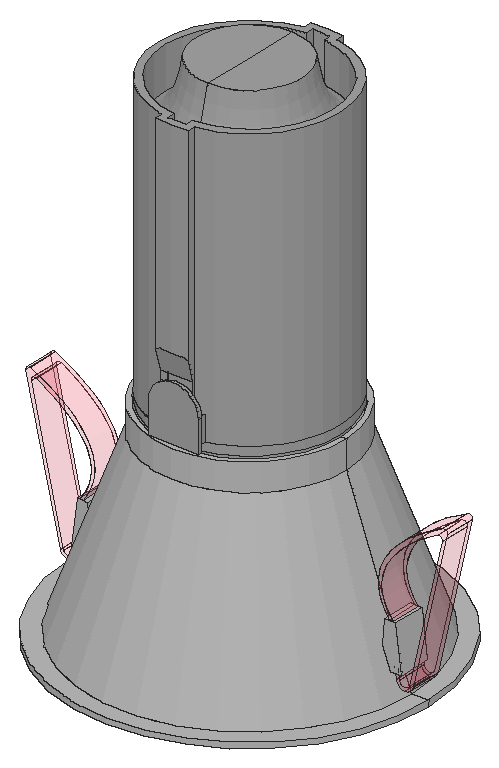
Revit family "LAMP_MOODY G2 1700 + ROUND FIXED REFLECTOR", category Luminarias, Revit 2015
Parameters (values of type "2700K FLOOD")
  Ángulo de inclinación = 90.00°
  White reflector model = White reflector code  # "MORFRD100FXW"
  White reflector finish = "Matt white"
  White reflector description = "MOODY REF RD FX Ø99 WH."
  White reflector datasheet = "http://www.lamp.es/product-files/TECH/MORFRD100FXW-EN.pdf"
  White reflector [instance] = no
  Wattage = 14 W
  UGR = "23"
  Type = "COB PHILIPS"
  White reflector code = "MORFRD100FXW"
  Total weight = 0.352 kg
  Total height = 115 mm
  Silver reflector model = Silver reflector code  # "MORFRD100FXM"
  Silver reflector finish = "Metalized matt silver"
  Silver reflector description = "MOODY REF RD FX Ø99 MET."
  Silver reflector datasheet = "http://www.lamp.es/product-files/TECH/MORFRD100FXM-EN.pdf"
  Silver reflector code = "MORFRD100FXM"
  Silver reflector [instance] = no
  Reflector diameter = 100 mm
  Reflector [instance] = and(not(White reflector), not(Copper reflector), not(Black reflector), not(Silver reflector))  # no
  Recessed diameter = 95 mm
  built-in parameter 1150110 = 1 (stored number, unit not read)
  Protection rating = "IP20"
  Product URL = "https://www.lamp.es/en/family/moody_33323"
  Power Supply = "220-240V 50/60Hz"
  Power = 12 W
  Plum = 14 W
  Model explanation = "Availability of switching reflector colour when placed in a project."
  Material Reflector Plata = LAMP_PC Reflector Moody GR
  Material Reflector Negro = LAMP_PC Reflector Moody NG
  Material Reflector Cobre = LAMP_PC Reflector Moody CO
  Material Muelle Emp. = LAMP_Acero genérico
  Material Reflector Blanco = LAMP_PC Reflector Moody BL
  Manufacturer name = "LAMP"
  Manufacturer country = "Spain"
  Manufacturer URL = "http://www.lamp.es/en"
  MacAdam = "3"
  Lámpara = "COB LED"
  Luminaire type = "Indoor - Recessed Downlight"
  Last update = "28/08/2019"
  LED Lifetime = "50.000 L70 B10"
  Insulation class = "II"
  Installation instructions = "https://www.lamp.es/product-files/INS/1004620-A-INSTR.%20MOODY%20G2.pdf"
  IEE = "A++"
  Gear = "Electronic"
  built-in parameter 1114217 = 1 (stored number, unit not read)
  built-in parameter 1150109 = 1 (stored number, unit not read)
  Fabricante = Manufacturer name  # "LAMP"
  Efficacy = 66.2 lm/W
  Descripción = "MOODY G2 1700 VWW FL TRIAC BK."
  Core product code = "MO215FL927TB"
  Core diameter = 50 mm
  Core datasheet = "http://www.lamp.es/product-files/TECH/MO215FL927TB-EN.pdf"
  Core model = Core product code  # "MO215FL927TB"
  Copper reflector model = Copper reflector code  # "MORFRD100FXC"
  Copper reflector finish = "Metalized matt copper"
  Copper reflector description = "MOODY REF RD FX Ø99 CO."
  Copper reflector datasheet = "http://www.lamp.es/product-files/TECH/MORFRD100FXW-EN.pdf"
  Copper reflector code = "MORFRD100FXC"
  Copper reflector [instance] = yes
  Comentarios de tipo = Model explanation  # "Availability of switching reflector colour when placed in a project."
  built-in parameter 1150134 = (empty or 0)
  built-in parameter 1150113 = 1 (stored number, unit not read)
  Lumens = 926.8 lm
  built-in parameter 1150115 = 1 (stored number, unit not read)
  built-in parameter 1150105 = 73.752 (stored number, unit not read)
  built-in parameter 1150137 = (empty or 0)
  built-in parameter 1150139 = (empty or 0)
  built-in parameter 1150112 = 1 (stored number, unit not read)
  built-in parameter 1150114 = 1 (stored number, unit not read)
  built-in parameter 1150132 = 2
  built-in parameter 1150102 = (empty or 0)
  built-in parameter 1150138 = (empty or 0)
  built-in parameter 1150107 = 2700 (stored number, unit not read)
  built-in parameter 1150106 = 0.73752 (stored number, unit not read)
  built-in parameter 1150104 = 6.1502 (stored number, unit not read)
  Dimming Lamp Color Temperature Shift = (empty or 0)
  Color Filter = 16777215
  built-in parameter 1114218 = 1 (stored number, unit not read)
  CRI = "90"
  Core description = "MOODY CORE 1200 VWW MFL"
  Black reflector model = Black reflector code  # "MORFRD100FXB"
  Black reflector finish = "Matt black"
  Black reflector description = "MOODY REF RD FX Ø99 BK."
  Black reflector datasheet = "http://www.lamp.es/product-files/TECH/MORFRD100FXB-EN.pdf"
  Black reflector code = "MORFRD100FXB"
  Black reflector [instance] = no
  Archivo de red fotométrica = "MO215FL927TB+MORFRD100FXM.IES"
  Altura reflector = 56.5 mm
  built-in parameter 1150133 = 10 (stored number, unit not read)
Types (9, lengths in mm): name | UGR | Efficacy | Descripción | Core product code | Core datasheet | Core model | Lumens | built-in parameter 1150105 | built-in parameter 1150107 | built-in parameter 1150106 | built-in parameter 1150104 | CRI | Archivo de red fotométrica
  2700K FLOOD | "23" | 66.2 lm/W | "MOODY G2 1700 VWW FL TRIAC BK." | "MO215FL927TB" | "http://www.lamp.es/product-files/TECH/MO215FL927TB-EN.pdf" | "MO215FL927TB" | 926.8 lm | 73.752 (stored number, unit not read) | 2700 (stored number, unit not read) | 0.73752 (stored number, unit not read) | 6.1502 (stored number, unit not read) | "90" | "MO215FL927TB+MORFRD100FXM.IES"
  2700K SPOT | "23" | 66.2 lm/W | "MOODY G2 1700 VWW SP TRIAC BK." | "MO215SP927TB" | "http://www.lamp.es/product-files/TECH/MO215SP927TB-EN.pdf" | "MO215SP927TB" | 926.8 lm | 73.752 (stored number, unit not read) | 2700 (stored number, unit not read) | 0.73752 (stored number, unit not read) | 6.1502 (stored number, unit not read) | "90" | "MO215SP927TB+MORFRD100FXM.IES"
  2700K WIDE FLOOD | "23" | 66.2 lm/W | "MOODY G2 1700 VWW WFL TRIAC BK." | "MO215WF927TB" | "http://www.lamp.es/product-files/TECH/MO215WF927TB-EN.pdf" | "MO215WF927TB" | 926.8 lm | 73.752 (stored number, unit not read) | 2700 (stored number, unit not read) | 0.73752 (stored number, unit not read) | 6.1502 (stored number, unit not read) | "90" | "MO215WF927TB+MORFRD100FXM.IES"
  3000K FLOOD | "23" | 81.2 lm/W | "MOODY G2 1700 WW FL TRIAC BK." | "MO215FL830TB" | "http://www.lamp.es/product-files/TECH/MO215FL830TB-EN.pdf" | "MO215FL830TB" | 1136.8 lm | 90.464 (stored number, unit not read) | 3000 (stored number, unit not read) | 0.90464 (stored number, unit not read) | 7.5437 (stored number, unit not read) | "80" | "MO215FL830TB+MORFRD100FXM.IES"
  3000K SPOT | "23" | 81.2 lm/W | "MOODY G2 1700 WW SP TRIAC BK." | "MO215SP830TB" | "http://www.lamp.es/product-files/TECH/MO215SP830TB-EN.pdf" | "MO215SP830TB" | 1136.8 lm | 90.464 (stored number, unit not read) | 3000 (stored number, unit not read) | 0.90464 (stored number, unit not read) | 7.5437 (stored number, unit not read) | "80" | "MO215SP830TB+MORFRD100FXM.IES"
  3000K WIDE FLOOD | "23" | 81.2 lm/W | "MOODY G2 1700 WW WFL TRIAC BK." | "MO215WF830TB" | "http://www.lamp.es/product-files/TECH/MO215WF830TB-EN.pdf" | "MO215WF830TB" | 1136.8 lm | 90.464 (stored number, unit not read) | 3000 (stored number, unit not read) | 0.90464 (stored number, unit not read) | 7.5437 (stored number, unit not read) | "80" | "MO215WF830TB+MORFRD100FXM.IES"
  4000K FLOOD | "24" | 86 lm/W | "MOODY G2 1700 NW FL TRIAC BK." | "MO215FL840TB" | "http://www.lamp.es/product-files/TECH/MO215FL840TB-EN.pdf" | "MO215FL840TB" | 1204 lm | 95.811 (stored number, unit not read) | 4000 (stored number, unit not read) | 0.95811 (stored number, unit not read) | 7.9897 (stored number, unit not read) | "80" | "MO215FL840TB+MORFRD100FXM.IES"
  4000K SPOT | "24" | 86 lm/W | "MOODY G2 1700 NW SP TRIAC BK." | "MO215SP840TB" | "http://www.lamp.es/product-files/TECH/MO215SP840TB-EN.pdf" | "MO215SP840TB" | 1204 lm | 95.811 (stored number, unit not read) | 4000 (stored number, unit not read) | 0.95811 (stored number, unit not read) | 7.9897 (stored number, unit not read) | "80" | "MO215SP840TB+MORFRD100FXM.IES"
  4000K WIDE FLOOD | "24" | 86 lm/W | "MOODY G2 1700 NW WFL TRIAC BK." | "MO215WF840TB" | "http://www.lamp.es/product-files/TECH/MO215WF840TB-EN.pdf" | "MO215WF840TB" | 1204 lm | 95.811 (stored number, unit not read) | 4000 (stored number, unit not read) | 0.95811 (stored number, unit not read) | 7.9897 (stored number, unit not read) | "80" | "MO215WF840TB+MORFRD100FXM.IES"
Reference planes
  plane 1 "Eje de origen de luz (F/P)": y = 0
  plane 2: z = 0
  plane 3 "Eje de origen de luz (I/D)": x = 0
  plane 4 "Techo": z = 3738.5
  plane 5 "Elevación de origen de luz": z = 3738.5
Forms (mm)
  Revolve 1, solid, material "LAMP_PC Reflector Moody CO" <- "Material Reflector Cobre", visible <- "Copper reflector"
    sketch origin (0, 0, 0) x (1, 0, 0) y (0, 0, 1)
      loop
        line (-49.5, 3737) -> (-43.7, 3737) -> (-25.4, 3786.715) -> (-20.4, 3786.715) -> (-20.4, 3789.672) -> (-25.4, 3789.672) -> (-25.4, 3795) -> (-26.8, 3795) -> (-26.8, 3787.4) -> (-44.8, 3738.5) -> (-49.5, 3738.5) -> (-49.5, 3737)
      axis (0, 3737) -> (0, 3795)
    angle from 0 to 360
  Extrusion 2, solid, material "LAMP_PC Reflector Moody CO" <- "Material Reflector Cobre", visible <- "Copper reflector"
    sketch origin (0, 0, 0) x (1, 0, 0) y (0, 0, 1)
      loop
        line (-42.407, 3745) -> (-40.284, 3750.769) -> (-40.873, 3757.5) -> (-43.873, 3757.5) -> (-45.407, 3745) -> (-42.407, 3745)
    from 4.4 to -4.4
  Extrusion 3, solid, material "LAMP_PC Reflector Moody CO" <- "Material Reflector Cobre", visible <- "Copper reflector"
    sketch origin (0, 0, 0) x (-1, 0, 0) y (0, 0, -1)
      loop
        line (-42.407, -3745) -> (-45.407, -3745) -> (-43.873, -3757.5) -> (-40.873, -3757.5) -> (-40.284, -3750.769) -> (-42.407, -3745)
    from 4.4 to -4.4
  Extrusion 4, solid, material "LAMP_Acero genérico" <- "Material Muelle Emp."
    sketch origin (0, 0, 0) x (1, 0, 0) y (0, 0, 1)
      loop
        line (-43.449, 3746.955) -> (-44.442, 3747.077) -> (-44.86, 3743.673)
        arc (-44.86, 3743.673) -> (-46.011, 3742.395) -> (-47.607, 3743.039) r 1.5
        line (-47.607, 3743.039) -> (-56.587, 3781.935)
        arc (-56.587, 3781.935) -> (-56.25, 3782.912) -> (-55.225, 3783.038) r 0.975
        spline (-55.225, 3783.038) -> (-51.331, 3780.738) -> (-48.069, 3778.431) -> (-45.409, 3776.129) -> (-43.316, 3773.842) -> (-41.759, 3771.583) -> (-40.706, 3769.362) -> (-40.125, 3767.192) -> (-39.983, 3765.084) -> (-40.248, 3763.049) -> (-40.888, 3761.099) -> (-41.87, 3759.246) -> (-43.162, 3757.5)
        line (-43.162, 3757.5) -> (-42.155, 3757.5)
        spline (-42.155, 3757.5) -> (-40.805, 3759.492) -> (-39.803, 3761.59) -> (-39.185, 3763.778) -> (-38.986, 3766.043) -> (-39.241, 3768.371) -> (-39.985, 3770.746) -> (-41.254, 3773.156) -> (-43.082, 3775.585) -> (-45.504, 3778.019) -> (-48.557, 3780.445) -> (-52.274, 3782.848) -> (-56.692, 3785.214)
        arc (-56.692, 3785.214) -> (-57.717, 3785.088) -> (-58.053, 3784.112) r 0.975
        line (-58.053, 3784.112) -> (-48.597, 3743.153)
        arc (-48.597, 3743.153) -> (-47.735, 3741.824) -> (-46.22, 3741.36) r 2.317
        arc (-46.22, 3741.36) -> (-44.644, 3742.027) -> (-43.867, 3743.552) r 2.5
        line (-43.867, 3743.552) -> (-43.449, 3746.955)
    from 4.3 to -4.3
  Extrusion 5, solid, material "LAMP_Acero genérico" <- "Material Muelle Emp."
    sketch origin (0, 0, 0) x (-1, 0, 0) y (0, 0, -1)
      loop
        line (-43.449, -3746.955) -> (-43.867, -3743.552)
        arc (-43.867, -3743.552) -> (-44.644, -3742.027) -> (-46.22, -3741.36) r 2.5
        arc (-46.22, -3741.36) -> (-47.735, -3741.824) -> (-48.597, -3743.153) r 2.317
        line (-48.597, -3743.153) -> (-58.053, -3784.112)
        arc (-58.053, -3784.112) -> (-57.717, -3785.088) -> (-56.692, -3785.214) r 0.975
        spline (-56.692, -3785.214) -> (-52.274, -3782.848) -> (-48.557, -3780.445) -> (-45.504, -3778.019) -> (-43.082, -3775.585) -> (-41.254, -3773.156) -> (-39.985, -3770.746) -> (-39.241, -3768.371) -> (-38.986, -3766.043) -> (-39.185, -3763.778) -> (-39.803, -3761.59) -> (-40.805, -3759.492) -> (-42.155, -3757.5)
        line (-42.155, -3757.5) -> (-43.162, -3757.5)
        spline (-43.162, -3757.5) -> (-41.87, -3759.246) -> (-40.888, -3761.099) -> (-40.248, -3763.049) -> (-39.983, -3765.084) -> (-40.125, -3767.192) -> (-40.706, -3769.362) -> (-41.759, -3771.583) -> (-43.316, -3773.842) -> (-45.409, -3776.129) -> (-48.069, -3778.431) -> (-51.331, -3780.738) -> (-55.225, -3783.038)
        arc (-55.225, -3783.038) -> (-56.25, -3782.912) -> (-56.587, -3781.935) r 0.975
        line (-56.587, -3781.935) -> (-47.607, -3743.039)
        arc (-47.607, -3743.039) -> (-46.011, -3742.395) -> (-44.86, -3743.673) r 1.5
        line (-44.86, -3743.673) -> (-44.442, -3747.077) -> (-43.449, -3746.955)
    from 4.3 to -4.3
  Revolve 6, solid, material "LAMP_PC Reflector Moody BL" <- "Material Reflector Blanco", visible <- "White reflector"
    sketch origin (0, 0, 0) x (1, 0, 0) y (0, 0, 1)
      loop
        line (-49.5, 3737) -> (-43.7, 3737) -> (-25.4, 3786.715) -> (-20.4, 3786.715) -> (-20.4, 3789.672) -> (-25.4, 3789.672) -> (-25.4, 3795) -> (-26.8, 3795) -> (-26.8, 3787.4) -> (-44.8, 3738.5) -> (-49.5, 3738.5) -> (-49.5, 3737)
      axis (0, 3737) -> (0, 3795)
    angle from 0 to 360
  Extrusion 7, solid, material "LAMP_PC Reflector Moody BL" <- "Material Reflector Blanco", visible <- "White reflector"
    sketch origin (0, 0, 0) x (1, 0, 0) y (0, 0, 1)
      loop
        line (-42.407, 3745) -> (-40.284, 3750.769) -> (-40.873, 3757.5) -> (-43.873, 3757.5) -> (-45.407, 3745) -> (-42.407, 3745)
    from 4.4 to -4.4
  Extrusion 8, solid, material "LAMP_PC Reflector Moody BL" <- "Material Reflector Blanco", visible <- "White reflector"
    sketch origin (0, 0, 0) x (-1, 0, 0) y (0, 0, -1)
      loop
        line (-42.407, -3745) -> (-45.407, -3745) -> (-43.873, -3757.5) -> (-40.873, -3757.5) -> (-40.284, -3750.769) -> (-42.407, -3745)
    from 4.4 to -4.4
  Revolve 9, solid, material "LAMP_PC Reflector Moody NG" <- "Material Reflector Negro", visible <- "Black reflector"
    sketch origin (0, 0, 0) x (1, 0, 0) y (0, 0, 1)
      loop
        line (-49.5, 3737) -> (-43.7, 3737) -> (-25.4, 3786.715) -> (-20.4, 3786.715) -> (-20.4, 3789.672) -> (-25.4, 3789.672) -> (-25.4, 3795) -> (-26.8, 3795) -> (-26.8, 3787.4) -> (-44.8, 3738.5) -> (-49.5, 3738.5) -> (-49.5, 3737)
      axis (0, 3737) -> (0, 3795)
    angle from 0 to 360
  Extrusion 10, solid, material "LAMP_PC Reflector Moody NG" <- "Material Reflector Negro", visible <- "Black reflector"
    sketch origin (0, 0, 0) x (1, 0, 0) y (0, 0, 1)
      loop
        line (-42.407, 3745) -> (-40.284, 3750.769) -> (-40.873, 3757.5) -> (-43.873, 3757.5) -> (-45.407, 3745) -> (-42.407, 3745)
    from 4.4 to -4.4
  Extrusion 11, solid, material "LAMP_PC Reflector Moody NG" <- "Material Reflector Negro", visible <- "Black reflector"
    sketch origin (0, 0, 0) x (-1, 0, 0) y (0, 0, -1)
      loop
        line (-42.407, -3745) -> (-45.407, -3745) -> (-43.873, -3757.5) -> (-40.873, -3757.5) -> (-40.284, -3750.769) -> (-42.407, -3745)
    from 4.4 to -4.4
  Revolve 12, solid, material "LAMP_PC Reflector Moody GR" <- "Material Reflector Plata", visible <- "Silver reflector"
    sketch origin (0, 0, 0) x (1, 0, 0) y (0, 0, 1)
      loop
        line (-49.5, 3737) -> (-43.7, 3737) -> (-25.4, 3786.715) -> (-20.4, 3786.715) -> (-20.4, 3789.672) -> (-25.4, 3789.672) -> (-25.4, 3795) -> (-26.8, 3795) -> (-26.8, 3787.4) -> (-44.8, 3738.5) -> (-49.5, 3738.5) -> (-49.5, 3737)
      axis (0, 3737) -> (0, 3795)
    angle from 0 to 360
  Extrusion 13, solid, material "LAMP_PC Reflector Moody GR" <- "Material Reflector Plata", visible <- "Silver reflector"
    sketch origin (0, 0, 0) x (1, 0, 0) y (0, 0, 1)
      loop
        line (-42.407, 3745) -> (-40.284, 3750.769) -> (-40.873, 3757.5) -> (-43.873, 3757.5) -> (-45.407, 3745) -> (-42.407, 3745)
    from 4.4 to -4.4
  Extrusion 14, solid, material "LAMP_PC Reflector Moody GR" <- "Material Reflector Plata", visible <- "Silver reflector"
    sketch origin (0, 0, 0) x (-1, 0, 0) y (0, 0, -1)
      loop
        line (-42.407, -3745) -> (-45.407, -3745) -> (-43.873, -3757.5) -> (-40.873, -3757.5) -> (-40.284, -3750.769) -> (-42.407, -3745)
    from 4.4 to -4.4
  Revolve 15, solid, material "LAMP_PC Reflector Moody CO" <- "Material Reflector Cobre", visible <- "Reflector"
    sketch origin (0, 0, 0) x (1, 0, 0) y (0, 0, 1)
      loop
        line (-49.5, 3737) -> (-43.7, 3737) -> (-25.4, 3786.715) -> (-20.4, 3786.715) -> (-20.4, 3789.672) -> (-25.4, 3789.672) -> (-25.4, 3795) -> (-26.8, 3795) -> (-26.8, 3787.4) -> (-44.8, 3738.5) -> (-49.5, 3738.5) -> (-49.5, 3737)
      axis (0, 3737) -> (0, 3795)
    angle from 0 to 360
  Extrusion 16, solid, material "LAMP_PC Reflector Moody CO" <- "Material Reflector Cobre", visible <- "Reflector"
    sketch origin (0, 0, 0) x (1, 0, 0) y (0, 0, 1)
      loop
        line (-42.407, 3745) -> (-40.284, 3750.769) -> (-40.873, 3757.5) -> (-43.873, 3757.5) -> (-45.407, 3745) -> (-42.407, 3745)
    from 4.4 to -4.4
  Extrusion 17, solid, material "LAMP_PC Reflector Moody CO" <- "Material Reflector Cobre", visible <- "Reflector"
    sketch origin (0, 0, 0) x (-1, 0, 0) y (0, 0, -1)
      loop
        line (-42.407, -3745) -> (-45.407, -3745) -> (-43.873, -3757.5) -> (-40.873, -3757.5) -> (-40.284, -3750.769) -> (-42.407, -3745)
    from 4.4 to -4.4
Text (mm)
  text "Any modification of the parameters and properties of the LAMP BIM models must be executed and validated by the LAMP technical department.\n\nPhone: +34 93 736 68 00\n\nE-mail: lamp@lamp.es\n\n\n\nLAMP reserves the right to modify the technical specifications of its products." at (-1347.375, 1637.246, 3520.791), in view "Preview"
Dimensions and locks
  equal spacing: host sketch curve, plane 3 "Eje de origen de luz (I/D)", host sketch curve
  equal spacing: host sketch curve, plane 1 "Eje de origen de luz (F/P)", host sketch curve
  host sketch curve to host sketch curve = 4000 mm  (x2)
  locked: plane 4 "Techo" to host ceiling at 0
  "Altura reflector": plane 4 "Techo" to Revolve 1
  aligned and locked: plane 3 "Eje de origen de luz (I/D)" to imposter light
  aligned and locked: plane 1 "Eje de origen de luz (F/P)" to imposter light
  aligned and locked: plane 5 "Elevación de origen de luz" to imposter light
  aligned and locked: plane 4 "Techo" to plane 5 "Elevación de origen de luz"
Automatic sketch dimensions
  Revolve 1 sketch curve to plane 4 "Techo" = 0 mm
  Revolve 1 sketch curve to plane 3 "Eje de origen de luz (I/D)" = 0 mm
  Revolve 1 sketch curve to plane 3 "Eje de origen de luz (I/D)" = 20.4 mm
  Revolve 1 sketch curve to Revolve 1 sketch curve = 5 mm
  Revolve 1 sketch curve to Revolve 1 sketch curve = 0 mm
  Revolve 1 sketch curve to Revolve 1 sketch curve = 1.4 mm
  plane 4 "Techo" to Revolve 1 sketch curve = 1.5 mm
  Revolve 1 sketch curve to plane 3 "Eje de origen de luz (I/D)" = 43.7 mm
  Revolve 1 sketch curve to Revolve 1 sketch curve = 1.1 mm
  Revolve 1 sketch curve to Revolve 1 sketch curve = 4.7 mm
  Revolve 1 sketch curve to plane 4 "Techo" = 48.215 mm
  Revolve 1 sketch curve to Revolve 1 sketch curve = 0.685 mm
  Revolve 1 sketch curve to Revolve 1 sketch curve = 2.957 mm
  Revolve 1 sketch curve to Revolve 1 sketch curve = 5.328 mm
  Revolve 1 sketch curve to level = 358.228 mm
  Revolve 1 sketch curve to Revolve 1 sketch curve = 305.685 mm
  Extrusion 2 sketch curve to plane 4 "Techo" = 6.5 mm
  Extrusion 2 sketch curve to plane 3 "Eje de origen de luz (I/D)" = 45.407 mm
  Extrusion 2 sketch curve to Extrusion 2 sketch curve = 1.535 mm
  Extrusion 2 sketch curve to Extrusion 2 sketch curve = 3 mm  (x2)
  Extrusion 2 sketch curve to plane 4 "Techo" = 19 mm
  Extrusion 2 sketch curve to plane 4 "Techo" = 12.269 mm
  Extrusion 2 sketch curve to Extrusion 2 sketch curve = 2.124 mm
  plane 4 "Techo" to Extrusion 3 sketch curve = 6.5 mm
  Extrusion 3 sketch curve to plane 3 "Eje de origen de luz (I/D)" = 45.407 mm
  Extrusion 3 sketch curve to Extrusion 3 sketch curve = 1.535 mm
  Extrusion 3 sketch curve to Extrusion 3 sketch curve = 3 mm  (x2)
  plane 4 "Techo" to Extrusion 3 sketch curve = 19 mm
  plane 4 "Techo" to Extrusion 3 sketch curve = 12.269 mm
  Extrusion 3 sketch curve to Extrusion 3 sketch curve = 2.124 mm
  Extrusion 4 sketch curve to Extrusion 4 sketch curve = 0 mm  (x2)
  Extrusion 4 sketch curve to plane 3 "Eje de origen de luz (I/D)" = 58.053 mm
  Extrusion 4 sketch curve to Extrusion 4 sketch curve = 0.95 mm  (x2)
  Extrusion 4 sketch curve to Extrusion 4 sketch curve = 0.412 mm  (x2)
  Extrusion 4 sketch curve to Extrusion 4 sketch curve = 0.517 mm
  Extrusion 4 sketch curve to plane 4 "Techo" = 4.653 mm
  Extrusion 4 sketch curve to Extrusion 4 sketch curve = 7.989 mm
  Extrusion 4 sketch curve to plane 4 "Techo" = 4.539 mm
  Extrusion 4 sketch curve to Extrusion 4 sketch curve = 0.991 mm
  Extrusion 4 sketch curve to Extrusion 4 sketch curve = 1.258 mm
  Extrusion 4 sketch curve to Extrusion 4 sketch curve = 0.009 mm
  Extrusion 4 sketch curve to plane 4 "Techo" = 5.173 mm
  Extrusion 4 sketch curve to Extrusion 4 sketch curve = 1.479 mm
  Extrusion 4 sketch curve to plane 4 "Techo" = 8.577 mm
  Extrusion 4 sketch curve to Extrusion 4 sketch curve = 0.418 mm
  Extrusion 4 sketch curve to plane 4 "Techo" = 5.052 mm
  Extrusion 4 sketch curve to Extrusion 4 sketch curve = 0.993 mm
  Extrusion 4 sketch curve to Extrusion 4 sketch curve = 1.28 mm
  Extrusion 4 sketch curve to Extrusion 4 sketch curve = 1.008 mm
  Extrusion 4 sketch curve to Extrusion 4 sketch curve = 0.182 mm
  Extrusion 4 sketch curve to Extrusion 4 sketch curve = 10.423 mm
  Extrusion 4 sketch curve to Extrusion 4 sketch curve = 24.435 mm
  Extrusion 4 sketch curve to Extrusion 4 sketch curve = 0.219 mm  (x2)
  Extrusion 4 sketch curve to Extrusion 4 sketch curve = 2.176 mm
  Extrusion 5 sketch curve to Extrusion 5 sketch curve = 0 mm  (x2)
  Extrusion 5 sketch curve to plane 3 "Eje de origen de luz (I/D)" = 58.053 mm
  Extrusion 5 sketch curve to Extrusion 5 sketch curve = 0.95 mm  (x2)
  Extrusion 5 sketch curve to Extrusion 5 sketch curve = 0.412 mm  (x2)
  Extrusion 5 sketch curve to Extrusion 5 sketch curve = 0.517 mm
  plane 4 "Techo" to Extrusion 5 sketch curve = 4.653 mm
  Extrusion 5 sketch curve to Extrusion 5 sketch curve = 7.989 mm
  plane 4 "Techo" to Extrusion 5 sketch curve = 4.539 mm
  Extrusion 5 sketch curve to Extrusion 5 sketch curve = 0.991 mm
  Extrusion 5 sketch curve to Extrusion 5 sketch curve = 1.258 mm
  Extrusion 5 sketch curve to Extrusion 5 sketch curve = 0.009 mm
  plane 4 "Techo" to Extrusion 5 sketch curve = 5.173 mm
  Extrusion 5 sketch curve to Extrusion 5 sketch curve = 1.479 mm
  plane 4 "Techo" to Extrusion 5 sketch curve = 8.577 mm
  Extrusion 5 sketch curve to Extrusion 5 sketch curve = 0.418 mm
  plane 4 "Techo" to Extrusion 5 sketch curve = 5.052 mm
  Extrusion 5 sketch curve to Extrusion 5 sketch curve = 0.993 mm
  Extrusion 5 sketch curve to Extrusion 5 sketch curve = 1.28 mm
  Extrusion 5 sketch curve to Extrusion 5 sketch curve = 1.008 mm
  Extrusion 5 sketch curve to Extrusion 5 sketch curve = 0.182 mm
  Extrusion 5 sketch curve to Extrusion 5 sketch curve = 10.423 mm
  Extrusion 5 sketch curve to Extrusion 5 sketch curve = 24.435 mm
  Extrusion 5 sketch curve to Extrusion 5 sketch curve = 0.219 mm  (x2)
  Extrusion 5 sketch curve to Extrusion 5 sketch curve = 2.176 mm
  Revolve 6 sketch curve to plane 4 "Techo" = 0 mm
  Revolve 6 sketch curve to plane 3 "Eje de origen de luz (I/D)" = 49.5 mm
  Revolve 6 sketch curve to Revolve 6 sketch curve = 4.7 mm
  Revolve 6 sketch curve to Revolve 6 sketch curve = 1.1 mm
  Revolve 6 sketch curve to Revolve 6 sketch curve = 18 mm
  Revolve 6 sketch curve to Revolve 6 sketch curve = 1.4 mm  (x2)
  Revolve 6 sketch curve to plane 4 "Techo" = 48.215 mm
  Revolve 6 sketch curve to Revolve 6 sketch curve = 5 mm
  plane 4 "Techo" to Revolve 6 sketch curve = 1.5 mm
  Revolve 6 sketch curve to Revolve 6 sketch curve = 0.685 mm
  Revolve 6 sketch curve to Revolve 6 sketch curve = 2.957 mm
  Revolve 6 sketch curve to Revolve 6 sketch curve = 5.328 mm
  plane 3 "Eje de origen de luz (I/D)" to Revolve 6 sketch curve = 0 mm
  Revolve 6 sketch curve to level = 358.228 mm
  Revolve 6 sketch curve to Revolve 6 sketch curve = 305.685 mm
  Extrusion 7 sketch curve to plane 4 "Techo" = 6.5 mm
  Extrusion 7 sketch curve to plane 3 "Eje de origen de luz (I/D)" = 45.407 mm
  Extrusion 7 sketch curve to Extrusion 7 sketch curve = 1.535 mm
  Extrusion 7 sketch curve to Extrusion 7 sketch curve = 3 mm  (x2)
  Extrusion 7 sketch curve to plane 4 "Techo" = 19 mm
  Extrusion 7 sketch curve to plane 4 "Techo" = 12.269 mm
  Extrusion 7 sketch curve to Extrusion 7 sketch curve = 2.124 mm
  plane 4 "Techo" to Extrusion 8 sketch curve = 6.5 mm
  Extrusion 8 sketch curve to plane 3 "Eje de origen de luz (I/D)" = 45.407 mm
  Extrusion 8 sketch curve to Extrusion 8 sketch curve = 1.535 mm
  Extrusion 8 sketch curve to Extrusion 8 sketch curve = 3 mm  (x2)
  plane 4 "Techo" to Extrusion 8 sketch curve = 19 mm
  plane 4 "Techo" to Extrusion 8 sketch curve = 12.269 mm
  Extrusion 8 sketch curve to Extrusion 8 sketch curve = 2.124 mm
  Revolve 9 sketch curve to plane 4 "Techo" = 0 mm
  Revolve 9 sketch curve to plane 3 "Eje de origen de luz (I/D)" = 49.5 mm
  Revolve 9 sketch curve to Revolve 9 sketch curve = 4.7 mm
  Revolve 9 sketch curve to Revolve 9 sketch curve = 1.1 mm
  Revolve 9 sketch curve to Revolve 9 sketch curve = 18 mm
  Revolve 9 sketch curve to Revolve 9 sketch curve = 1.4 mm  (x2)
  Revolve 9 sketch curve to plane 4 "Techo" = 48.215 mm
  Revolve 9 sketch curve to Revolve 9 sketch curve = 5 mm
  plane 4 "Techo" to Revolve 9 sketch curve = 1.5 mm
  Revolve 9 sketch curve to Revolve 9 sketch curve = 0.685 mm
  Revolve 9 sketch curve to Revolve 9 sketch curve = 2.957 mm
  Revolve 9 sketch curve to Revolve 9 sketch curve = 5.328 mm
  plane 3 "Eje de origen de luz (I/D)" to Revolve 9 sketch curve = 0 mm
  Revolve 9 sketch curve to level = 358.228 mm
  Revolve 9 sketch curve to Revolve 9 sketch curve = 305.685 mm
  Extrusion 10 sketch curve to plane 4 "Techo" = 6.5 mm
  Extrusion 10 sketch curve to plane 3 "Eje de origen de luz (I/D)" = 45.407 mm
  Extrusion 10 sketch curve to Extrusion 10 sketch curve = 1.535 mm
  Extrusion 10 sketch curve to Extrusion 10 sketch curve = 3 mm  (x2)
  Extrusion 10 sketch curve to plane 4 "Techo" = 19 mm
  Extrusion 10 sketch curve to plane 4 "Techo" = 12.269 mm
  Extrusion 10 sketch curve to Extrusion 10 sketch curve = 2.124 mm
  plane 4 "Techo" to Extrusion 11 sketch curve = 6.5 mm
  Extrusion 11 sketch curve to plane 3 "Eje de origen de luz (I/D)" = 45.407 mm
  Extrusion 11 sketch curve to Extrusion 11 sketch curve = 1.535 mm
  Extrusion 11 sketch curve to Extrusion 11 sketch curve = 3 mm  (x2)
  plane 4 "Techo" to Extrusion 11 sketch curve = 19 mm
  plane 4 "Techo" to Extrusion 11 sketch curve = 12.269 mm
  Extrusion 11 sketch curve to Extrusion 11 sketch curve = 2.124 mm
  Revolve 12 sketch curve to plane 4 "Techo" = 0 mm
  Revolve 12 sketch curve to plane 3 "Eje de origen de luz (I/D)" = 49.5 mm
  Revolve 12 sketch curve to Revolve 12 sketch curve = 4.7 mm
  Revolve 12 sketch curve to Revolve 12 sketch curve = 1.1 mm
  Revolve 12 sketch curve to Revolve 12 sketch curve = 18 mm
  Revolve 12 sketch curve to Revolve 12 sketch curve = 1.4 mm  (x2)
  Revolve 12 sketch curve to plane 4 "Techo" = 48.215 mm
  Revolve 12 sketch curve to Revolve 12 sketch curve = 5 mm
  plane 4 "Techo" to Revolve 12 sketch curve = 1.5 mm
  Revolve 12 sketch curve to Revolve 12 sketch curve = 0.685 mm
  Revolve 12 sketch curve to Revolve 12 sketch curve = 2.957 mm
  Revolve 12 sketch curve to Revolve 12 sketch curve = 5.328 mm
  plane 3 "Eje de origen de luz (I/D)" to Revolve 12 sketch curve = 0 mm
  Revolve 12 sketch curve to level = 358.228 mm
  Revolve 12 sketch curve to Revolve 12 sketch curve = 305.685 mm
  Extrusion 13 sketch curve to plane 4 "Techo" = 6.5 mm
  Extrusion 13 sketch curve to plane 3 "Eje de origen de luz (I/D)" = 45.407 mm
  Extrusion 13 sketch curve to Extrusion 13 sketch curve = 1.535 mm
  Extrusion 13 sketch curve to Extrusion 13 sketch curve = 3 mm  (x2)
  Extrusion 13 sketch curve to plane 4 "Techo" = 19 mm
  Extrusion 13 sketch curve to plane 4 "Techo" = 12.269 mm
  Extrusion 13 sketch curve to Extrusion 13 sketch curve = 2.124 mm
  plane 4 "Techo" to Extrusion 14 sketch curve = 6.5 mm
  Extrusion 14 sketch curve to plane 3 "Eje de origen de luz (I/D)" = 45.407 mm
  Extrusion 14 sketch curve to Extrusion 14 sketch curve = 1.535 mm
  Extrusion 14 sketch curve to Extrusion 14 sketch curve = 3 mm  (x2)
  plane 4 "Techo" to Extrusion 14 sketch curve = 19 mm
  plane 4 "Techo" to Extrusion 14 sketch curve = 12.269 mm
  Extrusion 14 sketch curve to Extrusion 14 sketch curve = 2.124 mm
  Revolve 15 sketch curve to plane 4 "Techo" = 0 mm
  Revolve 15 sketch curve to plane 3 "Eje de origen de luz (I/D)" = 49.5 mm
  Revolve 15 sketch curve to Revolve 15 sketch curve = 4.7 mm
  Revolve 15 sketch curve to Revolve 15 sketch curve = 1.1 mm
  Revolve 15 sketch curve to Revolve 15 sketch curve = 18 mm
  Revolve 15 sketch curve to Revolve 15 sketch curve = 1.4 mm  (x2)
  Revolve 15 sketch curve to plane 4 "Techo" = 48.215 mm
  Revolve 15 sketch curve to Revolve 15 sketch curve = 5 mm
  plane 4 "Techo" to Revolve 15 sketch curve = 1.5 mm
  Revolve 15 sketch curve to Revolve 15 sketch curve = 0.685 mm
  Revolve 15 sketch curve to Revolve 15 sketch curve = 2.957 mm
  Revolve 15 sketch curve to Revolve 15 sketch curve = 5.328 mm
  plane 3 "Eje de origen de luz (I/D)" to Revolve 15 sketch curve = 0 mm
  Revolve 15 sketch curve to level = 358.228 mm
  Revolve 15 sketch curve to Revolve 15 sketch curve = 305.685 mm
  Extrusion 16 sketch curve to plane 4 "Techo" = 6.5 mm
  Extrusion 16 sketch curve to plane 3 "Eje de origen de luz (I/D)" = 45.407 mm
  Extrusion 16 sketch curve to Extrusion 16 sketch curve = 1.535 mm
  Extrusion 16 sketch curve to Extrusion 16 sketch curve = 3 mm  (x2)
  Extrusion 16 sketch curve to plane 4 "Techo" = 19 mm
  Extrusion 16 sketch curve to plane 4 "Techo" = 12.269 mm
  Extrusion 16 sketch curve to Extrusion 16 sketch curve = 2.124 mm
  plane 4 "Techo" to Extrusion 17 sketch curve = 6.5 mm
  Extrusion 17 sketch curve to plane 3 "Eje de origen de luz (I/D)" = 45.407 mm
  Extrusion 17 sketch curve to Extrusion 17 sketch curve = 1.535 mm
  Extrusion 17 sketch curve to Extrusion 17 sketch curve = 3 mm  (x2)
  plane 4 "Techo" to Extrusion 17 sketch curve = 19 mm
  plane 4 "Techo" to Extrusion 17 sketch curve = 12.269 mm
  Extrusion 17 sketch curve to Extrusion 17 sketch curve = 2.124 mm
Nested families
  nested 1: "LAMP_MOODY CORE 1200" at (0, 0, 3789.672) x (0, 1, 0) z (0, 0, 1), type "LAMP_MOODY CORE 1200"
Connectors
  electrical at (0, 0, 3738.5)
    settings: on imposter light, index 1, voltage 230 V, apparent load 0 VA, apparent load phase1 0 VA, apparent load phase2 0 VA, apparent load phase3 0 VA, power factor 1, load classification "Otro", number of poles 1, system type 31, power factor state 1, is connector primary yes, connector utility no, sub classification motor no, connector description ""
Definition of nested family "LAMP_MOODY CORE 1200"
  Parameters (values of type "LAMP_MOODY CORE 1200")
    Weight = 0.316 kg
    Protection rating = "IP20"
    Product name = "MOODY CORE 1200"
    Product URL = "http://www.lamp.es/en/family/moody_33323"
    Material Reflector = none
    Material Cuerpo = none
    Material COB = none
    Manufacturer name = "LAMP"
    Manufacturer country = "Spain"
    Manufacturer URL = "http://www.lamp.es/en"
    Luminaire type = "Indoor - Recessed Downlight"
    Last update = "08/05/2018"
    Installation instructions = ""
    Height = 90 mm
    Finish = "Cataphorese"
    Manufacturer = Manufacturer name  # "LAMP"
    Default Elevation = 1219.2 mm
    Diameter = 50 mm
    Description = Product name  # "MOODY CORE 1200"
    Type Comments = "For product codes and features, see corresponding files LAMP_CORE + REFLECTOR"
    Altura interior = 74 mm
  Reference planes
    plane 1 "Centro (Frontal/Posterior)": y = 0
    plane 2: z = 0
    plane 3 "Centro (Izquierda/Derecha)": x = 0
    plane 4: z = 74
  Forms (mm)
    Extrusion 1, solid
      sketch origin (0, 0, 0) x (1, 0, 0) y (0, 1, 0)
        loop
          line (-1219.2, 1219.2) -> (-1219.2, -1219.2) -> (1219.2, -1219.2) -> (1219.2, 1219.2) -> (-1219.2, 1219.2)
      from 0 to -304.8
    Extrusion 2, solid, material <- "Material Cuerpo"
      sketch origin (0, 0, 8.2) x (1, 0, 0) y (0, 1, 0)
        loop
          arc (-26.622, 4.5) -> (-27, 0) -> (-26.622, -4.5) r 27
          line (-26.622, -4.5) -> (-24.592, -4.5)
          arc (-24.592, -4.5) -> (0, -25) -> (24.592, -4.5) r 25
          line (24.592, -4.5) -> (26.622, -4.5)
          arc (26.622, -4.5) -> (27, 0) -> (26.622, 4.5) r 27
          line (26.622, 4.5) -> (24.592, 4.5)
          arc (24.592, 4.5) -> (0, 25) -> (-24.592, 4.5) r 25
          line (-24.592, 4.5) -> (-26.622, 4.5)
        loop
          line (-24.875, -2.5) -> (-22.864, -2.5)
          arc (-22.864, -2.5) -> (0, -23) -> (22.864, -2.5) r 23
          line (22.864, -2.5) -> (24.875, -2.5)
          arc (24.875, -2.5) -> (25, 0) -> (24.875, 2.5) r 25
          line (24.875, 2.5) -> (22.864, 2.5)
          arc (22.864, 2.5) -> (0, 23) -> (-22.864, 2.5) r 23
          line (-22.864, 2.5) -> (-24.875, 2.5)
          arc (-24.875, 2.5) -> (-25, 0) -> (-24.875, -2.5) r 25
      from 0 to 77
    Revolve 3, solid, material <- "Material Cuerpo"
      sketch origin (0, 0, 8.2) x (1, 0, 0) y (0, 0, 1)
        loop
          spline (-14.467, 81.8) -> (-14.836, 79.556) -> (-15.268, 77.477) -> (-15.761, 75.564) -> (-16.317, 73.817) -> (-16.935, 72.235) -> (-17.615, 70.819) -> (-18.357, 69.568) -> (-19.161, 68.483) -> (-20.028, 67.564) -> (-20.956, 66.81) -> (-21.947, 66.222) -> (-23, 65.8)
          line (-23, 65.8) -> (0, 65.8) -> (0, 81.8) -> (-14.467, 81.8)
        axis (0, 81.8) -> (0, 65.8)
      angle from 0 to 360
    Extrusion 4, void
      sketch origin (0, 0, 8.2) x (0, 1, 0) y (0, 0, 1)
        loop
          line (-7, 0) -> (7, 0) -> (7, 6.5) -> (-7, 6.5) -> (-7, 0)
      from -28 to 28
    Extrusion 5, void
      sketch origin (0, 0, 8.2) x (1, 0, 0) y (0, 0, 1)
        loop
          line (25.068, 6.5) -> (27.791, 6.5) -> (27.791, 20.707) -> (26.791, 20.707) -> (25.068, 14.278) -> (25.068, 6.5)
      from -7 to 7
    Revolve 6, solid, material <- "Material Cuerpo"
      sketch origin (0, 0, 0) x (1, 0, 0) y (0, 0, 1)
        loop
          line (24.8, 0) -> (24.8, 2.2) -> (22.75, 2.2) -> (22.75, 5.8) -> (25, 5.8) -> (25, 8.2) -> (21.4, 8.2) -> (21.4, 7) -> (20.45, 7) -> (20.45, 0) -> (24.8, 0)
        axis (0, 8.2) -> (0, 0)
      angle from 0 to 360
    Extrusion 7, solid, material <- "Material Cuerpo"
      sketch origin (0, 0, 11.6) x (1, 0, 0) y (0, 1, 0)
        loop
          line (-25.068, 4.5) -> (-22.555, 4.5)
          arc (-22.555, 4.5) -> (0, 23) -> (22.555, 4.5) r 23
          line (22.555, 4.5) -> (25.068, 4.5) -> (25.068, 6.9) -> (22.778, 6.9)
          arc (22.778, 6.9) -> (0, 23.8) -> (-22.778, 6.9) r 23.8
          line (-22.778, 6.9) -> (-25.068, 6.9) -> (-25.068, 4.5)
        loop
          line (-25.068, -4.5) -> (-25.068, -6.9) -> (-22.778, -6.9)
          arc (-22.778, -6.9) -> (0, -23.8) -> (22.778, -6.9) r 23.8
          line (22.778, -6.9) -> (25.068, -6.9) -> (25.068, -4.5) -> (22.555, -4.5)
          arc (22.555, -4.5) -> (0, -23) -> (-22.555, -4.5) r 23
          line (-22.555, -4.5) -> (-25.068, -4.5)
      from -3.4 to 3.4
    Extrusion 8, solid, material <- "Material Cuerpo"
      sketch origin (0, 0, 0) x (0, 1, 0) y (0, 0, -1)
        loop
          arc (-6.769, -14.306) -> (0.131, -21.206) -> (7.031, -14.306) r 6.9
          line (7.031, -14.306) -> (7.031, -5.8) -> (-6.769, -5.8) -> (-6.769, -14.306)
      from 26 to 25.068
    Extrusion 9, solid, material <- "Material Cuerpo"
      sketch origin (0, 0, 0) x (0, 1, 0) y (0, 0, 1)
        loop
          line (-6.769, 14.306) -> (-6.769, 5.8) -> (7.031, 5.8) -> (7.031, 14.306)
          arc (7.031, 14.306) -> (0.131, 21.206) -> (-6.769, 14.306) r 6.9
      from 26 to 25.068
    Revolve 10, solid, material <- "Material Reflector"
      sketch origin (0, 0, -1660) x (1, 0, 0) y (0, 0, 1)
        loop
          line (21.4, 1667) -> (14.233, 1685.672) -> (13.283, 1685.672) -> (20.45, 1667) -> (21.4, 1667)
        axis (0, 1685.672) -> (0, 1667)
      angle from 0 to 360
    Revolve 11, solid, material <- "Material COB"
      sketch origin (0, 0, -2184.8) x (1, 0, 0) y (0, 0, 1)
        loop
          line (0, 2210.472) -> (14.233, 2210.472) -> (14.233, 2211.472) -> (0, 2211.472) -> (0, 2210.472)
        axis (0, 2211.472) -> (0, 2210.472)
      angle from 0 to 360
    Extrusion 12, void
      sketch origin (0, 0, 8.2) x (-1, 0, 0) y (0, 0, -1)
        loop
          line (25.068, -6.5) -> (25.068, -14.278) -> (26.791, -20.707) -> (27.791, -20.707) -> (27.791, -6.5) -> (25.068, -6.5)
      from -7 to 7
  Cuts and joins
    Extrusion 4, Extrusion 5, Extrusion 12 cuts Extrusion 2
    Extrusion 12 cuts Extrusion 7
    Extrusion 12 cuts Extrusion 9
  Dimensions and locks
    "Altura interior": plane 4 to Extrusion 1
    locked: cut or joined group of Extrusion 2, Extrusion 4, Extrusion 5, Extrusion 12 to plane 4 at 11.2
    aligned and locked: plane 2 to Extrusion 1
    aligned and locked: level to Extrusion 1
    aligned and locked: Revolve 3 to plane 4
    aligned and locked: Extrusion 7 to Revolve 6
    aligned and locked: Revolve 11 to Revolve 10
  Automatic sketch dimensions
    Extrusion 1 sketch curve to Extrusion 1 sketch curve = 2438.4 mm  (x2)
    Extrusion 2 sketch curve to Extrusion 2 sketch curve = 0 mm  (x57)
    plane 1 "Centro (Frontal/Posterior)" to Extrusion 2 sketch curve = 0 mm
    Extrusion 2 sketch curve to plane 3 "Centro (Izquierda/Derecha)" = 0 mm
    Extrusion 2 sketch curve to plane 1 "Centro (Frontal/Posterior)" = 2.5 mm  (x2)
    Extrusion 2 sketch curve to plane 3 "Centro (Izquierda/Derecha)" = 22.864 mm
    Extrusion 2 sketch curve to Extrusion 2 sketch curve = 1.728 mm  (x4)
    Extrusion 2 sketch curve to Extrusion 2 sketch curve = 2.011 mm  (x3)
    Extrusion 2 sketch curve to Extrusion 2 sketch curve = 2.031 mm  (x3)
    plane 1 "Centro (Frontal/Posterior)" to Extrusion 2 sketch curve = 2.5 mm
    Extrusion 2 sketch curve to Extrusion 2 sketch curve = 2 mm
    Revolve 3 sketch curve to plane 4 = 0 mm
    Revolve 3 sketch curve to plane 3 "Centro (Izquierda/Derecha)" = 0 mm  (x2)
    Revolve 3 sketch curve to Revolve 3 sketch curve = 14.467 mm
    Revolve 3 sketch curve to Revolve 3 sketch curve = 8.533 mm
    plane 4 to Revolve 3 sketch curve = 16 mm
    Revolve 3 sketch curve to level = 601.4 mm
    Revolve 3 sketch curve to Revolve 3 sketch curve = 2552.058 mm
    plane 1 "Centro (Frontal/Posterior)" to Extrusion 4 sketch curve = 7 mm
    Extrusion 4 sketch curve to plane 1 "Centro (Frontal/Posterior)" = 7 mm
    level to Extrusion 4 sketch curve = 8.2 mm
    Extrusion 4 sketch curve to Extrusion 4 sketch curve = 6.5 mm
    plane 3 "Centro (Izquierda/Derecha)" to Extrusion 5 sketch curve = 25.068 mm
    Extrusion 5 sketch curve to Extrusion 5 sketch curve = 1.723 mm
    Extrusion 5 sketch curve to Extrusion 5 sketch curve = 2.723 mm
    level to Extrusion 5 sketch curve = 14.7 mm
    Extrusion 5 sketch curve to Extrusion 5 sketch curve = 7.778 mm
    Extrusion 5 sketch curve to Extrusion 5 sketch curve = 6.429 mm
    Revolve 6 sketch curve to plane 3 "Centro (Izquierda/Derecha)" = 0 mm
    Revolve 6 sketch curve to level = 0 mm
    plane 3 "Centro (Izquierda/Derecha)" to Revolve 6 sketch curve = 20.45 mm
    Revolve 6 sketch curve to Revolve 6 sketch curve = 0.95 mm
    Revolve 6 sketch curve to Revolve 6 sketch curve = 1.35 mm
    Revolve 6 sketch curve to Revolve 6 sketch curve = 2.05 mm
    Revolve 6 sketch curve to Revolve 6 sketch curve = 2.25 mm
    level to Revolve 6 sketch curve = 2.2 mm
    Revolve 6 sketch curve to Revolve 6 sketch curve = 3.6 mm
    Revolve 6 sketch curve to Revolve 6 sketch curve = 1.2 mm
    Revolve 6 sketch curve to Revolve 6 sketch curve = 2.4 mm
    Revolve 6 sketch curve to level = 609.6 mm
    plane 4 to Revolve 6 sketch curve = 2559.858 mm
    Extrusion 7 sketch curve to Extrusion 7 sketch curve = 0 mm  (x13)
    plane 1 "Centro (Frontal/Posterior)" to Extrusion 7 sketch curve = 0 mm
    Extrusion 7 sketch curve to plane 3 "Centro (Izquierda/Derecha)" = 0 mm
    plane 1 "Centro (Frontal/Posterior)" to Extrusion 7 sketch curve = 4.5 mm  (x2)
    Extrusion 7 sketch curve to plane 3 "Centro (Izquierda/Derecha)" = 22.555 mm
    Extrusion 7 sketch curve to plane 1 "Centro (Frontal/Posterior)" = 4.5 mm  (x2)
    Extrusion 7 sketch curve to Extrusion 7 sketch curve = 0.222 mm  (x4)
    Extrusion 7 sketch curve to Extrusion 7 sketch curve = 2.29 mm  (x3)
    Extrusion 7 sketch curve to Extrusion 7 sketch curve = 2.513 mm
    Extrusion 7 sketch curve to Extrusion 7 sketch curve = 2.4 mm  (x2)
    plane 1 "Centro (Frontal/Posterior)" to Extrusion 8 sketch curve = 6.769 mm
    Extrusion 8 sketch curve to plane 1 "Centro (Frontal/Posterior)" = 0.131 mm
    level to Extrusion 8 sketch curve = 14.306 mm
    level to Extrusion 8 sketch curve = 5.8 mm
    plane 1 "Centro (Frontal/Posterior)" to Extrusion 9 sketch curve = 6.769 mm
    Extrusion 9 sketch curve to plane 1 "Centro (Frontal/Posterior)" = 0.131 mm
    level to Extrusion 9 sketch curve = 5.8 mm
    Extrusion 9 sketch curve to Extrusion 9 sketch curve = 8.506 mm
    Revolve 10 sketch curve to plane 3 "Centro (Izquierda/Derecha)" = 0 mm
    plane 3 "Centro (Izquierda/Derecha)" to Revolve 10 sketch curve = 13.283 mm
    Revolve 10 sketch curve to Revolve 10 sketch curve = 0.95 mm  (x2)
    level to Revolve 10 sketch curve = 7 mm
    Revolve 10 sketch curve to Revolve 10 sketch curve = 6.217 mm
    Revolve 10 sketch curve to Revolve 10 sketch curve = 18.672 mm
    Revolve 10 sketch curve to level = 2269.6 mm
    plane 4 to Revolve 10 sketch curve = 899.858 mm
    Revolve 11 sketch curve to plane 3 "Centro (Izquierda/Derecha)" = 0 mm  (x2)
    plane 3 "Centro (Izquierda/Derecha)" to Revolve 11 sketch curve = 14.233 mm
    level to Revolve 11 sketch curve = 25.672 mm
    Revolve 11 sketch curve to Revolve 11 sketch curve = 1 mm
    Revolve 11 sketch curve to level = 2794.4 mm
    plane 4 to Revolve 11 sketch curve = 375.058 mm
    Extrusion 12 sketch curve to plane 3 "Centro (Izquierda/Derecha)" = 25.068 mm
    Extrusion 12 sketch curve to Extrusion 12 sketch curve = 1.723 mm
    Extrusion 12 sketch curve to Extrusion 12 sketch curve = 2.723 mm
    level to Extrusion 12 sketch curve = 28.907 mm
    Extrusion 12 sketch curve to Extrusion 12 sketch curve = 6.429 mm
    Extrusion 12 sketch curve to Extrusion 12 sketch curve = 7.778 mm
